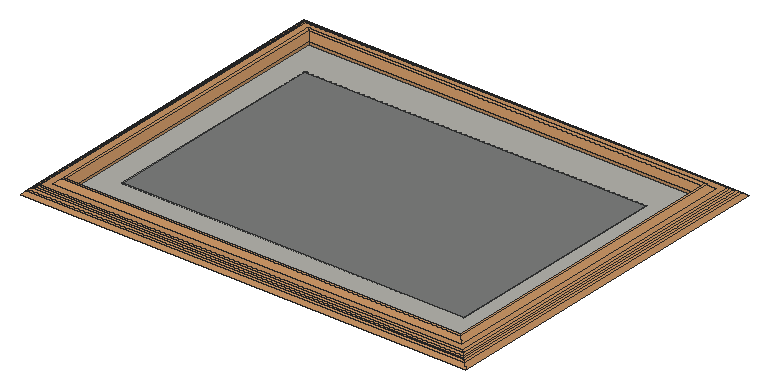
Revit family "5ef7b71e-c623-434b-8bff-54cb2ffcd8f9", category Furniture, host Face, Revit 2016
Family settings
  Host = Face
  OmniClass Number = 23.40.95.00
  OmniClass Title = Furnishings, Ornaments, and Decoration
  Cut with Voids When Loaded = No
  Shared = No
  Room Calculation Point = No
Parameters (values of type "31" x 39"")
  Width = 39"
  URL = "http://besafeprod.com/"
  Type Image = <None>
  Type Comments = ""
  Product Page URL = "http://besafeprod.com/product-catalog/art-frames"
  Product Documentation Link = "http://besafeprod.com/images/art-fram_profile.jpg"
  Notes = "Images include watermark. For clean images, contact Behavorial Safety Products"  # constant formula
  Model = "AF550"  # constant formula
  Mat Finish = Paper-BSP-White Mat
  Manufacturer = "Behavioral Safety Products"  # constant formula
  Keynote = ""
  Image Width = 30"
  Image Height = 20"
  Height = 31"
  Front Protection Finish = Polycarbonate-BSP-Clear
  Frame Finish = Wood-BSP-Cherry
  Description = "Ligature Resistant Art Frame"  # constant formula
  Depth = 1 1/8"  # constant formula
  Default Elevation = 54"
  Assembly Code = ""
  Art Selection = Image-11 : 20x30
  Art Note = "Frame 37x31 uses 16x20 Image, Frame 31x39 uses 20x30 Image, Frame 35x45 uses 24x36 Image"  # constant formula
Types (4): name | Width | Image Width | Image Height | Height | Art Selection
  (no name) | 39" | 30" | 20" | 31" | Image-11 : 20x30
  35" x 45" | 45" | 36" | 24" | 35" | Image-11 : 24x36
  27" x 31" | 31" | 20" | 16" | 27" | Image-11 : 16x20
  31" x 39" | 39" | 30" | 20" | 31" | Image-11 : 20x30
Reference planes (in)
  plane 1 "Center (Front/Back)": y = 10.5
  plane 2: z = 0
  plane 3 "Center (Left/Right)": x = -9.5
  plane 4: x = -29
  plane 5: x = 10
  plane 6: y = -5
  plane 7: y = 26
  plane 8: x = -24.5
  plane 9: x = 5.5
  plane 10: y = 0.5
  plane 11: y = 20.5
Forms (in)
  Sweep 1, solid, material "Wood-BSP-Cherry" <- "Frame Finish", detail levels medium+fine
    path origin (0, 0, 0) x (1, 0, 0) y (0, 1, 0)
      loop
        line (-29, 26) -> (-29, -5) -> (10, -5) -> (10, 26) -> (-29, 26)
    profile "Art_Frame-Profile : Art_Frame-Profile" origin (-9.5, 26, 0) x (0, 1, 0) y (0, 0, 1)
      loop
        line (0, 0) -> (-0.25, 0.3125) -> (-0.41399, 0.4034)
        arc (-0.41399, 0.4034) -> (-0.51102, 0.42173) -> (-0.57798, 0.4943) r 0.15721
        line (-0.57798, 0.4943) -> (-0.68731, 0.5549)
        arc (-0.68731, 0.5549) -> (-0.78434, 0.57323) -> (-0.8513, 0.64581) r 0.15721
        line (-0.8513, 0.64581) -> (-1.01529, 0.73671) -> (-1.57779, 0.73671) -> (-2.00232, 1.09293)
        arc (-2.00232, 1.09293) -> (-2.12273, 1.12128) -> (-2.21715, 1.04135) r 0.13742
        line (-2.21715, 1.04135) -> (-2.5, 0.375) -> (-2.5, 0.1875) -> (-2.25, 0.1875) -> (-2.25, 0) -> (0, 0)
  Extrusion 2, solid, material "Wood-BSP-Cherry" <- "Frame Finish", detail levels coarse
    sketch origin (0, 0, 0) x (1, 0, 0) y (0, 1, 0)
      loop
        line (-29, 26) -> (-29, -5) -> (10, -5) -> (10, 26) -> (-29, 26)
      loop
        line (-26.5, 23.5) -> (-26.5, -2.5) -> (7.5, -2.5) -> (7.5, 23.5) -> (-26.5, 23.5)
    from 0 to 1.125
  Extrusion 3, solid, material "Wood-BSP-Cherry" <- "Frame Finish", detail levels medium+fine
    sketch origin (0, 0, 0) x (1, 0, 0) y (0, 1, 0)
      loop
        line (-26.75, 23.75) -> (-26.75, -2.75) -> (7.75, -2.75) -> (7.75, 23.75) -> (-26.75, 23.75)
    from 0 to 0.0625
  Extrusion 4, solid, material "Paper-BSP-White Mat" <- "Mat Finish", detail levels medium+fine
    sketch origin (0, 0, 0) x (1, 0, 0) y (0, 1, 0)
      loop
        line (-26.75, 23.75) -> (-26.75, -2.75) -> (7.75, -2.75) -> (7.75, 23.75) -> (-26.75, 23.75)
      loop
        line (-24.5, 20.5) -> (-24.5, 0.5) -> (5.5, 0.5) -> (5.5, 20.5) -> (-24.5, 20.5)
    from 0.0625 to 0.09375
  Extrusion 5, solid, material "Polycarbonate-BSP-Clear" <- "Front Protection Finish"
    sketch origin (0, 0, 0) x (1, 0, 0) y (0, 1, 0)
      loop
        line (-26.75, 23.75) -> (-26.75, -2.75) -> (7.75, -2.75) -> (7.75, 23.75) -> (-26.75, 23.75)
    from 0.09375 to 0.1875
Lines and regions (in)
  Masking region 1, detail levels medium
    outline origin (0, 10.5, 0) x (1, 0, 0) y (0, 0, 1)
      loop
        line (-29, 0) -> (10, 0) -> (10, 1.125) -> (-29, 1.125) -> (-29, 0)
  Masking region 2, detail levels fine
    outline origin (0, 10.5, 0) x (1, 0, 0) y (0, 0, 1)
      loop
        line (-28.75, 0.3125) -> (-29, 0) -> (10, 0) -> (9.75, 0.3125) -> (9.58601, 0.4034)
        arc (9.58601, 0.4034) -> (9.48898, 0.42173) -> (9.42202, 0.4943) r 0.15721
        line (9.42202, 0.4943) -> (9.31269, 0.5549)
        arc (9.31269, 0.5549) -> (9.21566, 0.57323) -> (9.1487, 0.64581) r 0.15721
        line (9.1487, 0.64581) -> (8.98471, 0.73671) -> (8.42221, 0.73671) -> (7.99768, 1.09293)
        arc (7.99768, 1.09293) -> (7.87727, 1.12128) -> (7.78285, 1.04135) r 0.13742
        line (7.78285, 1.04135) -> (7.65354, 0.73671) -> (-26.65354, 0.73671) -> (-26.78285, 1.04135)
        arc (-26.78285, 1.04135) -> (-26.87727, 1.12128) -> (-26.99768, 1.09293) r 0.13742
        line (-26.99768, 1.09293) -> (-27.42221, 0.73671) -> (-27.98471, 0.73671) -> (-28.1487, 0.64581)
        arc (-28.1487, 0.64581) -> (-28.21566, 0.57323) -> (-28.31269, 0.5549) r 0.15721
        line (-28.31269, 0.5549) -> (-28.42202, 0.4943)
        arc (-28.42202, 0.4943) -> (-28.48898, 0.42173) -> (-28.58601, 0.4034) r 0.15721
        line (-28.58601, 0.4034) -> (-28.75, 0.3125)
  symbolic lines, style "Art Frame-Course", detail levels coarse
    curve 1: line (10, 10.5, 1.125) -> (-29, 10.5, 1.125)
Dimensions and locks (in)
  equal spacing: plane 7, plane 1 "Center (Front/Back)", plane 6
  "Height": plane 7 to plane 6
  equal spacing: plane 4, plane 3 "Center (Left/Right)", plane 5
  "Width": plane 4 to plane 5
  "Depth": Extrusion 2 to Extrusion 2
  locked: Extrusion 3 to Extrusion 3 at 0.0625
  equal spacing: plane 11, plane 1 "Center (Front/Back)", plane 10
  "Image Height": plane 11 to plane 10
  equal spacing: plane 8, plane 3 "Center (Left/Right)", plane 9
  "Image Width": plane 8 to plane 9
  locked: Extrusion 4 to Extrusion 4 at 0.03125
  aligned and locked: plane 2 to host face
  aligned and locked: level to host face
  aligned and locked: Sweep 1 sketch curve to plane 7
  aligned and locked: plane 4 to Sweep 1 sketch curve
  aligned and locked: plane 6 to Sweep 1 sketch curve
  aligned and locked: Sweep 1 sketch curve to plane 5
  aligned and locked: Extrusion 2 sketch curve to Sweep 1  (x6)
  aligned and locked: plane 6 to Extrusion 2 sketch curve
  aligned and locked: Extrusion 2 sketch curve to plane 5
  aligned and locked: Extrusion 3 sketch curve to Sweep 1  (x4)
  aligned and locked: Extrusion 3 to level
  aligned and locked: Extrusion 4 sketch curve to Sweep 1  (x4)
  aligned and locked: Extrusion 4 sketch curve to plane 11
  aligned and locked: plane 10 to Extrusion 4 sketch curve
  aligned and locked: Extrusion 5 sketch curve to Sweep 1  (x4)
  aligned and locked: Extrusion 5 to Sweep 1
  aligned and locked: curve 1 to Extrusion 2
  aligned and locked: plane 4 to curve 1
  aligned and locked: plane 5 to curve 1
  aligned and locked: Masking region 1 sketch curve to Sweep 1
  aligned and locked: Masking region 1 sketch curve to Extrusion 2  (x3)
  aligned and locked: Masking region 2 sketch curve to Sweep 1  (x16)
  aligned and locked: Sweep 1 to Masking region 2 sketch curve  (x3)
  aligned and locked: host face to Masking region 2 sketch curve
  aligned and locked: plane 3 "Center (Left/Right)" to nested 1
  aligned and locked: plane 1 "Center (Front/Back)" to nested 1
  aligned and locked: Extrusion 4 to nested 1
Automatic sketch dimensions
  host sketch curve to host sketch curve = 96"  (x2)
  level to curve 1 = 1 1/8"
  Masking region 2 sketch curve to Masking region 2 sketch curve = 0.1265"
  Masking region 2 sketch curve to Masking region 2 sketch curve = 0.42453"
  level to Masking region 2 sketch curve = 1.04135"
  Masking region 2 sketch curve to Masking region 2 sketch curve = 0.08833"
  Masking region 2 sketch curve to Masking region 2 sketch curve = 0.12931"
  Masking region 2 sketch curve to Masking region 2 sketch curve = 0.35622"
  Extrusion 4 sketch curve to plane 8 = 0"
  Extrusion 4 sketch curve to plane 9 = 0"
  plane 4 to Extrusion 4 sketch curve = 2 1/4"
Nested families (in)
  nested 1: "Image-11" at (-9.5, 10.5, 0.0625), type <- "Art Selection", type "20x30"
Definition of nested family "Image-11"
  Parameters
    Width = 30"
    Image = none
    Height = 20"
  Reference planes (in)
    plane 1 "Center (Front/Back)": y = 0
    plane 2: z = 0
    plane 3 "Center (Left/Right)": x = 0
    plane 4: x = -15
    plane 5: x = 15
    plane 6: y = 10
    plane 7: y = -10
  Forms (in)
    Extrusion 1, solid, material <- "Image"
      sketch origin (0, 0, 0) x (1, 0, 0) y (0, 1, 0)
        loop
          line (-15, 10) -> (-15, -10) -> (15, -10) -> (15, 10) -> (-15, 10)
      from 0 to 0.03125
  Dimensions and locks (in)
    equal spacing: plane 6, plane 1 "Center (Front/Back)", plane 7
    "Height": plane 6 to plane 7
    equal spacing: plane 4, plane 3 "Center (Left/Right)", plane 5
    "Width": plane 4 to plane 5
    locked: Extrusion 1 to Extrusion 1 at 0.03125
    aligned and locked: plane 2 to level
    aligned and locked: Extrusion 1 sketch curve to plane 6
    aligned and locked: plane 4 to Extrusion 1 sketch curve
    aligned and locked: plane 7 to Extrusion 1 sketch curve
    aligned and locked: Extrusion 1 sketch curve to plane 5
